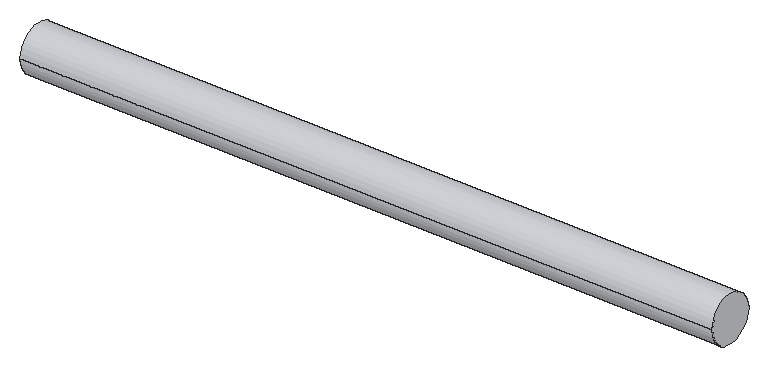
Revit family "cable[1]", category Conduit Fittings, Revit 2012
Parameters
  cad [instance] = 5' - 1"
  built-in parameter 1001306 [instance] = cad  # 5' - 1"
Reference planes (in)
  plane 1 "Center (Front/Back)": y = 0
  plane 2: z = 0
  plane 3 "Left": x = 0
  plane 4 "Right": x = 61
Forms (in)
  Sweep 1, solid
    path in 3D
      loop
        line (0, 0, 0) -> (61, 0, 0)
    profile origin (30.5, 0, 0) x (0, 1, 0) y (0, 0, 1)
      loop
        circle (0, 0) r 2
Lines and regions (in)
  reference lines
    curve 1: line (0, 0, 0) -> (61, 0, 0)
  sketch lines
    curve 2: line (0, 0, 0) -> (61, 0, 0)
Dimensions and locks (in)
  "built-in parameter 1001306": plane 3 "Left" to plane 4 "Right"
  aligned and locked: plane 4 "Right" to curve 1
  aligned and locked: plane 1 "Center (Front/Back)" to curve 1
  aligned and locked: plane 3 "Left" to curve 1
  aligned and locked: level to plane 2
Automatic sketch dimensions
  Sweep 1 sketch curve to profile plane = 0' - 0"  (x2)
  radius of Sweep 1 sketch curve = 0' - 2"
